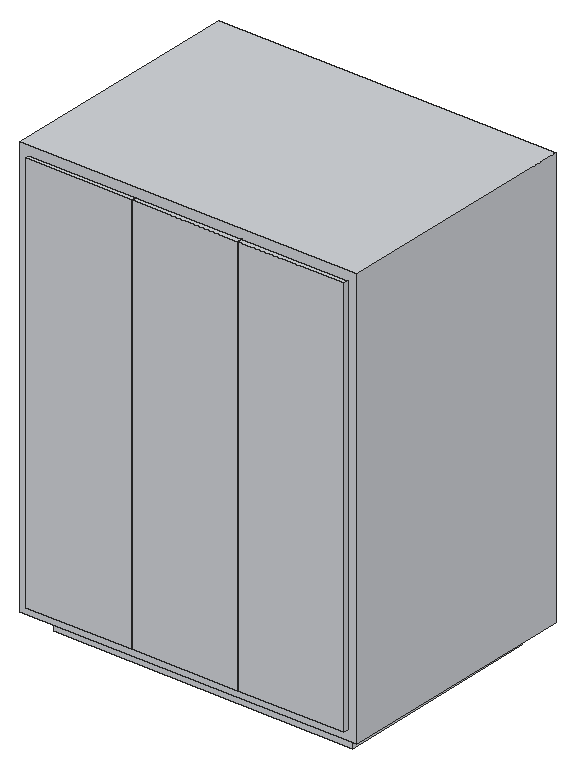
Revit family "9c9f914be9f54bfca15e455f983857f5", category Electrical Equipment, Revit 2021
Family settings
  Round Connector Dimension = Use Diameter
  Part Type = Transformer
  OmniClass Number = 23.80.10.14.11
  OmniClass Title = Power Transformers
  Seek Item ID = Dry Type Transformer - 12000-208Y120 - NEMA Type 1-0000-USA-ENU
  Work Plane-Based = No
  Always vertical = Yes
  Cut with Voids When Loaded = No
  Shared = No
  Room Calculation Point = No
Parameters (values of type "1000 kVA")
  Transformer Width = 4' - 6"
  Transformer Material = none
  Transformer Length = 6' - 0"
  Transformer Height = 7' - 10"
  built-in parameter 1140142 [instance] = -1
  Primary Voltage = 12000 V
  Primary Number of Poles = 3
  built-in parameter 1140079 [instance] = 3
  built-in parameter 1140140 [instance] = 1 (stored number, unit not read)
  Load Classification = Transformer
  Length 1 = (Transformer Length - 0' 4") / 3  # 1' - 10.66667"
  built-in parameter 1140083 [instance] = "Type 1"
  Default Elevation = 0' - 0"
  built-in parameter 1140087 [instance] = element -7000011
Types (6): name | Transformer Length | Length 1
  (no name) | 6' - 0" | 1' - 10.66667"
  1000 kVA | 6' - 0" | 1' - 10.66667"
  1500 kVA | 6' - 0" | 1' - 10.66667"
  2000 kVA | 7' - 0" | 2' - 2.66667"
  2500 kVA | 7' - 0" | 2' - 2.66667"
  3000 kVA | 8' - 0" | 2' - 6.66667"
Reference planes (in)
  plane 1 "Center (Front/Back)": y = 0
  plane 2: z = 0
  plane 3 "Center (Left/Right)": x = 0
  plane 4: y = -4
  plane 5: y = -54
  plane 6: y = -53
  plane 7: y = -49
  plane 8: x = 36
  plane 9: x = -36
  plane 10: x = -32
  plane 11: x = -34
  plane 12: x = 32
  plane 13: x = 34
  plane 14: z = 94
  plane 15: z = 92
  plane 16: z = 4
  plane 17: z = 6
  plane 18: x = -11.33333
  plane 19: x = 11.33333
Forms (in)
  Extrusion 1, solid, material <- "Transformer Material", detail levels fine
    sketch origin (0, 0, 0) x (1, 0, 0) y (0, 1, 0)
      loop
        line (-32, -4) -> (-32, -49) -> (32, -49) -> (32, -4) -> (-32, -4)
    from 0 to 4
  Extrusion 2, solid, material <- "Transformer Material"
    sketch origin (0, 0, 0) x (1, 0, 0) y (0, 1, 0)
      loop
        line (-36, 0) -> (-36, -53) -> (36, -53) -> (36, 0) -> (-36, 0)
    from 4 to 94
  Extrusion 3, solid, material <- "Transformer Material", detail levels fine
    sketch origin (0, 0, 0) x (1, 0, 0) y (0, 1, 0)
      loop
        line (-34, -53) -> (-34, -54) -> (-11.33333, -54) -> (-11.33333, -53) -> (-34, -53)
    from 6 to 92
  Extrusion 4, solid, material <- "Transformer Material", detail levels fine
    sketch origin (0, 0, 0) x (1, 0, 0) y (0, 1, 0)
      loop
        line (-11.33333, -53) -> (-11.33333, -54) -> (11.33333, -54) -> (11.33333, -53) -> (-11.33333, -53)
    from 6 to 92
  Extrusion 5, solid, material <- "Transformer Material", detail levels fine
    sketch origin (0, 0, 0) x (1, 0, 0) y (0, 1, 0)
      loop
        line (11.33333, -53) -> (11.33333, -54) -> (34, -54) -> (34, -53) -> (11.33333, -53)
    from 6 to 92
Dimensions and locks (in)
  locked: plane 4 to plane 1 "Center (Front/Back)" at 4
  "Transformer Width": plane 5 to plane 1 "Center (Front/Back)"
  locked: plane 5 to plane 6 at 1
  locked: plane 6 to plane 7 at 4
  "Transformer Length": plane 9 to plane 8
  equal spacing: plane 9, plane 3 "Center (Left/Right)", plane 8
  locked: plane 9 to plane 11 at 2
  locked: plane 9 to plane 10 at 4
  locked: plane 12 to plane 8 at 4
  locked: plane 13 to plane 8 at 2
  "Transformer Height": plane 14 to plane 2
  locked: plane 14 to plane 15 at 2
  locked: plane 16 to plane 2 at 4
  locked: plane 17 to plane 16 at 2
  equal spacing: plane 11, plane 18, plane 19, plane 13
  aligned and locked: plane 10 to Extrusion 1 sketch curve
  aligned and locked: plane 4 to Extrusion 1 sketch curve
  aligned and locked: plane 7 to Extrusion 1 sketch curve
  aligned and locked: Extrusion 1 sketch curve to plane 12
  aligned and locked: Extrusion 1 to plane 2
  aligned and locked: plane 16 to Extrusion 1
  aligned and locked: plane 9 to Extrusion 2 sketch curve
  aligned and locked: plane 1 "Center (Front/Back)" to Extrusion 2 sketch curve
  aligned and locked: plane 6 to Extrusion 2 sketch curve
  aligned and locked: Extrusion 2 sketch curve to plane 8
  aligned and locked: plane 14 to Extrusion 2
  aligned and locked: Extrusion 2 to plane 16
  aligned and locked: plane 11 to Extrusion 3 sketch curve
  aligned and locked: plane 6 to Extrusion 3 sketch curve
  aligned and locked: plane 5 to Extrusion 3 sketch curve
  aligned and locked: Extrusion 3 sketch curve to plane 18
  aligned and locked: plane 15 to Extrusion 3
  aligned and locked: Extrusion 3 to plane 17
  aligned and locked: Extrusion 3 to Extrusion 4 sketch curve
  aligned and locked: Extrusion 4 sketch curve to Extrusion 3
  aligned and locked: plane 5 to Extrusion 4 sketch curve
  aligned and locked: Extrusion 4 sketch curve to plane 19
  aligned and locked: plane 15 to Extrusion 4
  aligned and locked: Extrusion 4 to plane 17
  aligned and locked: Extrusion 4 to Extrusion 5 sketch curve
  aligned and locked: Extrusion 5 sketch curve to Extrusion 4
  aligned and locked: plane 5 to Extrusion 5 sketch curve
  aligned and locked: Extrusion 5 sketch curve to plane 13
  aligned and locked: plane 15 to Extrusion 5
  aligned and locked: Extrusion 5 to plane 17
Connectors (in)
  electrical at (0, -26.5, 0), driven by "Primary Voltage", driven by "Primary Number of Poles", driven by "Load Classification"
    settings: on Extrusion 1, index 1, voltage 12000 V, apparent load 0 VA, apparent load phase1 0 VA, apparent load phase2 0 VA, apparent load phase3 0 VA, power factor 1, load classification "Transformer", number of poles 3, system type 31, power factor state 1, is connector primary yes, connector utility no, sub classification motor no, connector description ""
  cabletrayconduit at (0, -26.5, 94), diameter 24
    settings: on Extrusion 2, index 2, connector width 1' - 0", connector height 1' - 0", connector angle 0.00°, system type 32, placement type 1, profile type 0, connector reference index -1, is primary connector yes, connector utility param no, connector description ""
  cabletrayconduit at (-36, -26.5, 49), diameter 24
    settings: on Extrusion 2, index 3, connector width 1' - 0", connector height 1' - 0", connector angle 0.00°, system type 32, placement type 1, profile type 0, connector reference index -1, is primary connector no, connector utility param no, connector description ""
  cabletrayconduit at (36, -26.5, 49), diameter 24
    settings: on Extrusion 2, index 4, connector width 1' - 0", connector height 1' - 0", connector angle 0.00°, system type 32, placement type 1, profile type 0, connector reference index -1, is primary connector no, connector utility param no, connector description ""
  cabletrayconduit at (0, 0, 49), diameter 24
    settings: on Extrusion 2, index 5, connector width 1' - 0", connector height 1' - 0", connector angle 0.00°, system type 32, placement type 1, profile type 0, connector reference index -1, is primary connector no, connector utility param no, connector description ""
  cabletrayconduit at (0, -26.5, 0), diameter 24
    settings: on Extrusion 1, index 6, connector width 1' - 0", connector height 1' - 0", connector angle 0.00°, system type 32, placement type 1, profile type 0, connector reference index -1, is primary connector no, connector utility param no, connector description ""
